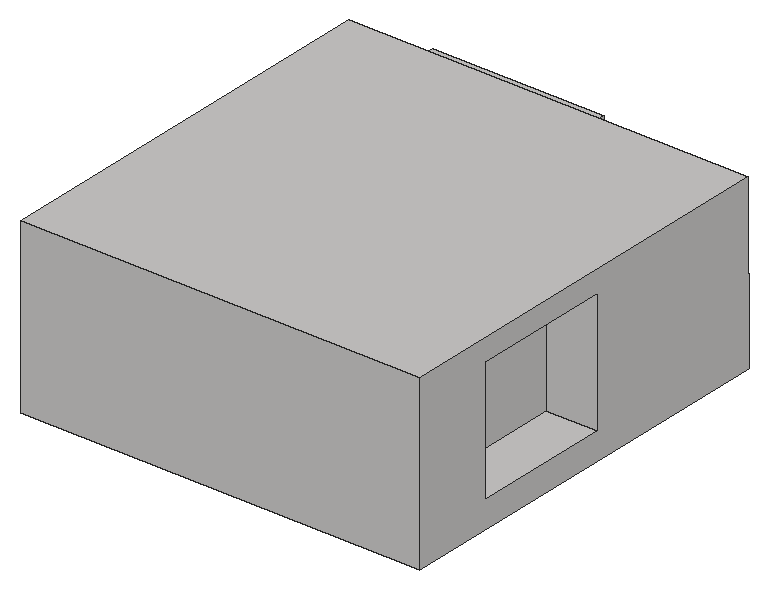
Revit family
Parameters
  Width = 4' - 0 1/8"
  Voltage = 277 V
  Unit Weight = "220.0 lbs"
  UltraLoc Liner = Choose Liner Option = 3  # no
  URL = "http://www.titus-hvac.com/"
  UL = "181"
  Supply Air Flow [instance] = 0 CFM
  SteriLoc Liner = Choose Liner Option = 2  # no
  Primary Air Pressure Drop [instance] = 0.00 in-wg
  Primary Air Flow [instance] = 0 CFM
  Plenum Air Pressure Drop [instance] = 0.00 in-wg
  Plenum Air Flow [instance] = 0 CFM
  Outlet Width = 1' - 4 1/2"
  Outlet Vertical Offset = 0' - 1 1/8"
  Outlet Horizontal Offset = 0' - 1 3/8"
  Outlet Height = 1' - 2 1/2"
  Number of Poles = 1
  Nominal Width = Width + 0' 6 1/4"  # 4' - 6 3/8"
  Nominal Length = Length + 0' 3 3/8"  # 4' - 2 1/4"
  Nominal Inlet Size = 1' - 0"
  Nominal Height = 1' - 8 1/8"
  NFPA = "90A"
  Motor Full Load Amps = 3.3 A
  Model = "DTQS"
  Min. Air Flow = 0 CFM
  Max. Air Flow = 0 CFM
  Material = Galvanized Steel
  Manufacturer = "Titus"
  Length = 3' - 10 7/8"
  Juction Box Offset = 0' - 4 7/8"
  Inlet Diameter = Nominal Inlet Size - 0' 0 1/8"  # 0' - 11 7/8"
  Induced offset = 0' - 1 1/4"
  Induced Air Inlet Offset = 0' - 4 1/2"
  Induced Air Inlet Width = 1' - 9"
  Induced Air Inlet Height = 1' - 5 1/2"
  Induced Air Filter = no
  Heating Total Capacity [instance] = 0 Btu/h
  Half Outlet Connection Width = Outlet Width / 2  # 0' - 8 1/4"
  Half Outlet Connection Height = Outlet Height / 2  # 0' - 7 1/4"
  Half Height Start = -(Nominal Height / 2)  # -0' - 10 1/16"
  Half Height End = Nominal Height / 2  # 0' - 10 1/16"
  HP-Motor = "1/3"
  Frequency = 60 Hz
  Filter Size = "27\"x20\""
  Fiber Free Liner = Choose Liner Option = 1  # no
  Fan Disconnect Switch = no
  Duct Radius = Nominal Inlet Size / 2  # 0' - 6"
  Description = "Series Fan Powered Terminal Unit, Direct Digital Control, Pressure Independent"
  Connection Void Radius = Connection Radius - 0' 0 1/4"  # 0' - 5 11/16"
  Connection Radius = Inlet Diameter / 2  # 0' - 5 15/16"
  Choose Liner Option = 0
  CADworks URL = "www.CADworks.net"
  Assembly Code = "D3040100"
  Apparent Power = Voltage * Motor Full Load Amps  # 914.1 VA
  Air Inlet Offset = 0' - 8"
  1/2" Fiberglass Liner = Choose Liner Option = 0  # yes
Reference planes (in)
  plane 1 "Center (Front/Back)": y = 0
  plane 2: z = 0
  plane 3 "Center (Left/Right)": x = 3
  plane 4: x = -20.4375
  plane 5: x = 26.4375
  plane 6: x = -15.5625
  plane 7: x = -23.8125
  plane 8 "Center (Elevation)": z = 0
  plane 9: y = -24.0625
  plane 10: y = 24.0625
  plane 11: y = 16.0625
  plane 12: y = -19.5625
  plane 13: x = 20.4375
  plane 14: y = 30.3125
  plane 15: z = 10.0625
  plane 16: z = -10.0625
Forms (in)
  Extrusion 1, solid, material "Galvanized Steel" <- "Material"
    sketch origin (0, 0, 52) x (1, 0, 0) y (0, 1, 0)
      loop
        line (-20.4375, 24.0625) -> (-20.4375, -24.0625) -> (26.4375, -24.0625) -> (26.4375, 24.0625) -> (-20.4375, 24.0625)
    from -62.0625 <- "Half Height Start" to -41.9375 <- "Half Height End"
  Extrusion 2, solid, material "Galvanized Steel" <- "Material"
    sketch origin (3.0625, 0, -6) x (1, 0, 0) y (0, 1, 0)
      loop
        line (-18.625, 24.0625) -> (1.375, 24.0625) -> (1.375, 30.3125) -> (-18.625, 30.3125) -> (-18.625, 24.0625)
    from 0 to 12
  Extrusion 3, void
    sketch origin (26.4375, 24.0625, 53.125) x (0, 1, 0) y (0, 0, -1)
      loop
        line (-22.125, 45.5625) -> (-22.125, 60.0625) -> (-38.625, 60.0625) -> (-38.625, 45.5625) -> (-22.125, 45.5625)
    from 0 to 6
  Extrusion 4, solid, material "Galvanized Steel" <- "Material"
    sketch origin (-24.875, 0.5625, 0) x (0, 0, -1) y (0, 1, 0)
      loop
        circle (0, 15.5) r 5.9375
    from 1.0625 to 4.4375
  Extrusion 5, void
    sketch origin (-24.875, 0, 0) x (0, 1, 0) y (0, 0, 1)
      loop
        circle (16.0625, 0) r 5.6875
    from 1.0625 to 9.3125
  Extrusion 6, void
    sketch origin (-20.4375, -24.0625, 52) x (0, -1, 0) y (0, 0, -1)
      loop
        line (-25.5, 43.3125) -> (-4.5, 43.3125) -> (-4.5, 60.8125) -> (-25.5, 60.8125) -> (-25.5, 43.3125)
    from 0 to 4.875
Cuts and joins
  Extrusion 3, Extrusion 5, Extrusion 6 cuts Extrusion 1
  Extrusion 5 cuts Extrusion 4
Dimensions and locks (in)
  "Length": plane 5 to plane 4
  equal spacing: plane 5, plane 3 "Center (Left/Right)", plane 4
  locked: Extrusion 2 to plane 6 at 0
  locked: Extrusion 2 to Extrusion 2 at 20
  "Juction Box Offset": plane 6 to plane 4
  "Outlet Height": Extrusion 3 sketch curve to Extrusion 3 sketch curve
  "Outlet Width": Extrusion 3 sketch curve to Extrusion 3 sketch curve
  locked: plane 4 to plane 7 at 3.375
  "Width": plane 9 to plane 10
  equal spacing: plane 9, plane 1 "Center (Front/Back)", plane 10
  locked: Extrusion 4 sketch curve to level at 0
  locked: Extrusion 4 sketch curve to plane 11 at 0
  locked: Extrusion 5 sketch curve to level at 0
  locked: Extrusion 5 sketch curve to plane 11 at 0
  locked: Extrusion 2 to Extrusion 2 at 6.25
  "Air Inlet Offset": plane 10 to plane 11
  locked: Extrusion 2 to plane 10 at 0
  locked: cut or joined group of Extrusion 4, Extrusion 5 to plane 7 at 0
  locked: cut or joined group of Extrusion 4, Extrusion 5 to cut or joined group of Extrusion 4, Extrusion 5 at 3.375
  "Induced Air Inlet Offset": plane 9 to plane 12
  "Induced Air Inlet Width": Extrusion 6 sketch curve to Extrusion 6 sketch curve
  "Induced Air Inlet Height": Extrusion 6 sketch curve to Extrusion 6 sketch curve
  "Induced Air Inlet Offset": Extrusion 6 sketch curve to plane 9
  locked: plane 9 to Extrusion 3 sketch curve at 9.5
  cut or joined group of Extrusion 1, Extrusion 3, Extrusion 5, Extrusion 6 to Extrusion 3 sketch curve = 0' - 3 1/8"
  locked: Extrusion 2 to Extrusion 2 at 12
  equal spacing: Extrusion 2, level, Extrusion 2
  locked: cut or joined group of Extrusion 1, Extrusion 3, Extrusion 5, Extrusion 6 to cut or joined group of Extrusion 1, Extrusion 3, Extrusion 5, Extrusion 6 at 20.125
  equal spacing: cut or joined group of Extrusion 1, Extrusion 3, Extrusion 5, Extrusion 6, level, cut or joined group of Extrusion 1, Extrusion 3, Extrusion 5, Extrusion 6
  "Induced offset": Extrusion 6 sketch curve to cut or joined group of Extrusion 1, Extrusion 3, Extrusion 5, Extrusion 6
  "Connection Radius": radius of Extrusion 4 sketch curve
  "Connection Void Radius": radius of Extrusion 5 sketch curve
  aligned and locked: plane 6 to Extrusion 6
  aligned and locked: Extrusion 3 to plane 13
  aligned and locked: plane 5 to cut or joined group of Extrusion 1, Extrusion 3, Extrusion 5, Extrusion 6
  aligned and locked: cut or joined group of Extrusion 1, Extrusion 3, Extrusion 5, Extrusion 6 to plane 4
  aligned and locked: cut or joined group of Extrusion 1, Extrusion 3, Extrusion 5, Extrusion 6 to plane 10
  aligned and locked: plane 9 to cut or joined group of Extrusion 1, Extrusion 3, Extrusion 5, Extrusion 6
  aligned and locked: Extrusion 1 to Extrusion 6
  aligned and locked: Extrusion 5 to plane 7
  aligned and locked: plane 6 to Extrusion 5
Automatic sketch dimensions
  Extrusion 1 sketch curve to plane 4 = 0' - 0"
  plane 5 to Extrusion 1 sketch curve = 0' - 0"
  Extrusion 1 sketch curve to plane 9 = 0' - 0"
  Extrusion 1 sketch curve to plane 10 = 0' - 0"
  Extrusion 2 sketch curve to plane 6 = 0' - 0"
  Extrusion 2 sketch curve to plane 10 = 0' - 0"
  plane 3 "Center (Left/Right)" to Extrusion 2 sketch curve = 0' - 1 7/16"
  Extrusion 2 sketch curve to plane 10 = 0' - 6 1/4"
Connectors (in)
  electrical at (-5.5625, 30.3125, 0), driven by "Apparent Power", driven by "Voltage", driven by "Number of Poles"
    settings: on Extrusion 2, index 8
  hvac at (-23.8125, 16.0625, 0), driven by "Primary Air Flow", driven by "Duct Radius", driven by "Primary Air Pressure Drop"
    settings: on cut or joined group of Extrusion 4, Extrusion 5, index 9
  hvac at (-20.4375, -9.0625, -0.0625), driven by "Induced Air Inlet Height", driven by "Induced Air Inlet Width", driven by "Plenum Air Pressure Drop", driven by "Plenum Air Flow"
    settings: on cut or joined group of Extrusion 1, Extrusion 3, Extrusion 5, Extrusion 6, index 12
  hvac at (26.4375, -6.3125, 0.3125), driven by "Supply Air Flow", driven by "Outlet Width", driven by "Outlet Height"
    settings: on cut or joined group of Extrusion 1, Extrusion 3, Extrusion 5, Extrusion 6, index 13
